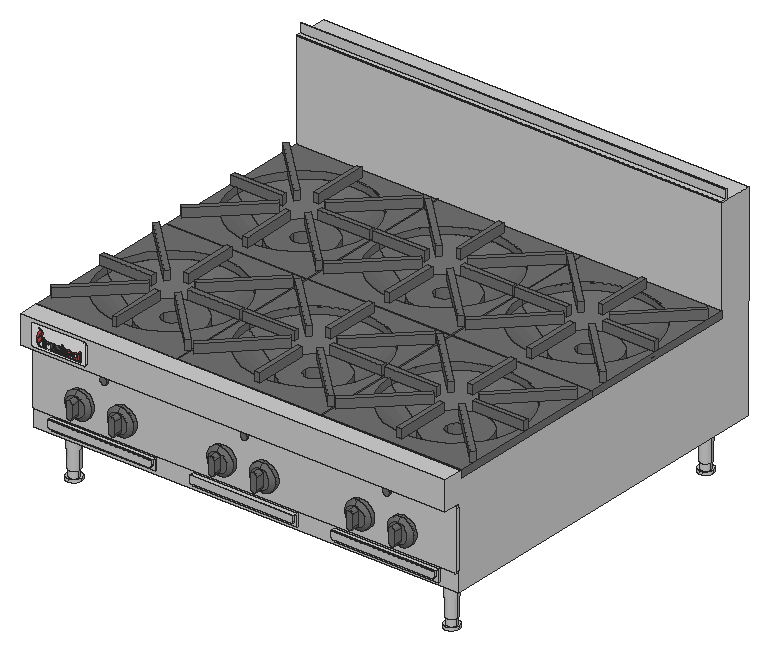
Revit family "QF_COMCATER ALL BRANDS_RCT9-6", category Specialty Equipment, Revit 2014
Parameters (values of type "RCT9-6_LPG")
  URL Cutsheet = ""
  URL = ""
  Type Comments = "The Australian owned and designed* Trueheat RC Series of Gas Cooking Equipment has been developed for the restaurant and cafe market with a high quality finish, designed to fulfill the busy demands within a commercial kitchen.\r\nPowerful 24MJ/hr open burners with individual standing pilots included.\r\n100% Flame failure controls included as standard. Matt finish Euro look cast iron trivets radiate heat and design makes it easy to move pots around the surface."
  Status [instance] = ""
  Specification by User [instance] = ""
  Specification by Manufacturer [instance] = ""
  Seismic Rating = ""
  SMACNA No = ""
  Revision Code [instance] = ""
  Nominal Gas power = 34400 W
  NAFEM Spec ID Number = ""
  Model = "RCT9-6"
  Mechanical Connection Type [instance] = " "
  Masterspec = ""
  Manufacturer = "TRUEHEAT"
  Length Actual = 900 mm
  Item Number [instance] = ""
  Installed By [instance] = ""
  Identify Quantity as Lot [instance] = no
  Height Actual = 455 mm
  Gas power kW = 34.4
  Gas Size Flexible = 0 mm
  Gas Size = 19.05 mm
  Gas RI Height [instance] = 0 mm
  Gas Flow = 0.0 L/s
  Gas Connection Height [instance] = 121 mm
  Furnished By [instance] = ""
  Foodservice Equipment Identifier [instance] = yes
  Description = "6 BURNER MODULAR TOP"
  Depth Actual = 803 mm
  CSI MasterFormat = ""
  BTUH = 34400 W
  Assembly Code = "E1090320"
  Accessory = no
Reference planes
  plane 1 "Center (Front/Back)": y = 0
  plane 2: z = 0
  plane 3 "Center (Left/Right)": x = 0
Forms (mm)
  Extrusion 1, solid
    sketch origin (96, 0, 121) x (1, 0, 0) y (0, 1, 0)
      loop
        line (0, 0) -> (2, 0) -> (2, 2) -> (0, 2) -> (0, 0)
    from 0 to 2
Dimensions and locks
  aligned and locked: level to plane 2
Nested families
  nested 1: "QF_COMCATER ALL BRANDS_RCT9-6_Natural Gas" at (0, 0, 100), type "RCT9-6_Natural Gas"
    with Show Logo yes, Show Clearance yes
  nested 2: "QF_COMCATER_B05002-900" at (0, 0, 0), type "B05002-900"
    with Show Logo yes, Show Clearance yes
Connectors
  piping at (97, 2, 122), diameter 19.05, driven by "Gas Size", driven by "Gas Flow"
    settings: on Extrusion 1, index 1, connector inside diameter 609.6 mm, connector length 0 mm, flow factor 0, pipe flow 0.0 L/s, pressure drop 0.0 Pa, fitting loss kfactor 0, connector angle 0.00°, fixture units 0, engagement length 0 mm, angle of deflection 0.00°, flow configuration 1, flow direction 1, fitting loss method 0, system type 22, joint type 0, gender type 0, connector reference index -1, connector utility 0, adjustable connector no, is connector primary yes, connector description "Gas connection for 'RCT9-6'"
Definition of nested family "QF_COMCATER ALL BRANDS_RCT9-6_Natural Gas"
  Parameters (values of type "RCT9-6_Natural Gas")
    URL = "www.comcater.com.au"
    Show Logo [instance] = yes
    Show Clearance [instance] = yes
    Model = "RCT9-6"
    Manufacturer = "TRUEHEAT"
    Description = "6 BURNER MODULAR TOP"
    Assembly Code = "E1090320"
  Reference planes
    plane 1 "Back": y = 0
    plane 2: z = 0
    plane 3 "Left": x = 0
    plane 4 "Right": x = 900
    plane 5 "Front": y = -803
    plane 6 "Top": z = 455
  Forms (mm)
    Revolve 1, solid
      sketch origin (108.337, 8, -489.263) x (0, 1, 0) y (0, 0, 1)
        loop
          line (-786.003, 575.513) -> (-801, 575.513) -> (-801, 555.163) -> (-793.012, 547.176) -> (-786.003, 547.176) -> (-786.003, 575.513)
        axis (-786.003, 575.513) -> (-801, 575.513)
      angle from 0 to 360
    Extrusion 2, solid
      sketch origin (-264.343, -780, -1413.928) x (-0.707107, 0, -0.707107) y (-0.707107, 0, 0.707107)
        loop
          arc (-1328.297, 810.227) -> (-1337.277, 810.227) -> (-1337.277, 801.247) r 6.35
          line (-1337.277, 801.247) -> (-1320.325, 784.294)
          arc (-1320.325, 784.294) -> (-1311.344, 784.294) -> (-1311.344, 793.275) r 6.35
          line (-1311.344, 793.275) -> (-1328.297, 810.227)
      from -13 to -28
    Extrusion 3, solid
      sketch origin (0, -768, 2.5) x (1, 0, 0) y (0, 0, 1)
        loop
          line (0, 160.5) -> (0, 40)
          arc (0, 40) -> (1.464, 36.464) -> (5, 35) r 5
          line (5, 35) -> (895, 35)
          arc (895, 35) -> (898.536, 36.464) -> (900, 40) r 5
          line (900, 40) -> (900, 160.5)
          arc (900, 160.5) -> (898.536, 164.036) -> (895, 165.5) r 5
          line (895, 165.5) -> (5, 165.5)
          arc (5, 165.5) -> (1.464, 164.036) -> (0, 160.5) r 5
      from 0 to 3
    Extrusion 4, solid, visible <- "Show Logo"
      sketch origin (30, -802.5, 9.763) x (1, 0, 0) y (0, 0, 1)
        loop
          line (98.5, 191.841) -> (96.5, 191.841) -> (96.5, 189.798) -> (95.026, 189.798) -> (95.026, 187.798) -> (96.5, 187.798) -> (96.5, 175.237) -> (98.5, 175.237) -> (98.5, 187.798) -> (100, 187.798) -> (100, 189.798) -> (98.5, 189.798) -> (98.5, 191.841)
        loop
          line (94, 187.798) -> (92, 187.798) -> (92, 186.56)
          arc (92, 186.56) -> (81.976, 181.518) -> (92, 176.475) r 6.28
          line (92, 176.475) -> (92, 175.237) -> (94, 175.237) -> (94, 187.798)
        loop
          arc (92, 183.592) -> (83.976, 181.518) -> (92, 179.443) r 4.28
          line (92, 179.443) -> (92, 183.592)
        loop
          line (65.446, 184.298) -> (65.446, 175.237) -> (67.446, 175.237) -> (67.446, 184.729)
          arc (67.446, 184.729) -> (64.497, 187.542) -> (60.446, 187.101) r 4.833
          line (60.446, 187.101) -> (60.446, 191.841) -> (58.446, 191.841) -> (58.446, 175.237) -> (60.446, 175.237) -> (60.446, 184.298)
          arc (60.446, 184.298) -> (62.946, 185.798) -> (65.446, 184.298) r 2.833
        loop
          arc (80.998, 181.518) -> (69.107, 184.34) -> (78.461, 176.475) r 6.28
          line (78.461, 176.475) -> (77.269, 178.081)
          arc (77.269, 178.081) -> (72.794, 177.694) -> (70.437, 181.518) r 4.28
          line (70.437, 181.518) -> (80.998, 181.518)
        loop
          arc (78.502, 183.518) -> (74.717, 185.798) -> (70.933, 183.518) r 4.28
          line (70.933, 183.518) -> (78.502, 183.518)
      from 0 to 2
    Extrusion 5, solid, visible <- "Show Logo"
      sketch origin (14.146, -802.5, 9.763) x (1, 0, 0) y (0, 0, 1)
        loop
          arc (70.804, 183.518) -> (67.02, 185.798) -> (63.236, 183.518) r 4.28
          line (63.236, 183.518) -> (70.804, 183.518)
        loop
          arc (73.3, 181.518) -> (61.409, 184.34) -> (70.764, 176.475) r 6.28
          line (70.764, 176.475) -> (69.572, 178.081)
          arc (69.572, 178.081) -> (65.096, 177.694) -> (62.74, 181.518) r 4.28
          line (62.74, 181.518) -> (73.3, 181.518)
        loop
          line (34.617, 191.841) -> (34.617, 189.798) -> (33.143, 189.798) -> (33.143, 187.798) -> (34.617, 187.798) -> (34.617, 175.237) -> (36.617, 175.237) -> (36.617, 187.798) -> (38.117, 187.798) -> (38.117, 189.798) -> (36.617, 189.798) -> (36.617, 191.841) -> (34.617, 191.841)
        loop
          arc (57.696, 178.737) -> (55.196, 177.237) -> (52.696, 178.737) r 2.833
          line (52.696, 178.737) -> (52.696, 187.798) -> (50.696, 187.798) -> (50.696, 178.307)
          arc (50.696, 178.307) -> (55.196, 175.237) -> (59.696, 178.307) r 4.833
          line (59.696, 178.307) -> (59.696, 187.798) -> (57.696, 187.798) -> (57.696, 178.737)
        loop
          line (41.117, 186.56) -> (41.117, 187.798) -> (39.117, 187.798) -> (39.117, 175.237) -> (41.117, 175.237) -> (41.117, 183.592)
          arc (41.117, 183.592) -> (44.587, 185.789) -> (48.31, 184.053) r 4.28
          line (48.31, 184.053) -> (49.735, 185.478)
          arc (49.735, 185.478) -> (45.643, 187.749) -> (41.117, 186.56) r 6.28
      from 0 to 2
    Extrusion 6, solid, visible <- "Show Logo"
      sketch origin (0, -802.5, 7.5) x (1, 0, 0) y (0, 0, 1)
        loop
          line (130, 176.5) -> (40, 176.5) -> (40, 175.5) -> (130, 175.5) -> (130, 176.5)
        loop
          arc (40, 177.5) -> (40.603, 181.061) -> (42.43, 184.177) r 10.013
          arc (42.43, 184.177) -> (44.457, 187.03) -> (45.914, 190.212) r 18.627
          arc (45.914, 190.212) -> (46.43, 193.956) -> (45.458, 197.608) r 9.58
          arc (45.458, 197.608) -> (44.352, 194.23) -> (41.979, 191.583) r 8.629
          arc (41.979, 191.583) -> (38.017, 184.959) -> (40, 177.5) r 9.924
        loop
          arc (39.054, 199.801) -> (35.351, 191.043) -> (36.701, 181.631) r 17.746
          arc (36.701, 181.631) -> (36.715, 187.191) -> (39.483, 192.014) r 10.848
          arc (39.483, 192.014) -> (42.461, 196.051) -> (44.165, 200.77) r 17.413
          arc (44.165, 200.77) -> (46.042, 199.588) -> (47.328, 197.781) r 5.718
          arc (47.328, 197.781) -> (46.772, 205.563) -> (40.995, 210.808) r 10.489
          arc (40.995, 210.808) -> (41.42, 205.059) -> (39.054, 199.801) r 11.727
      from 0 to 2
    Extrusion 7, solid, visible <- "Show Logo"
      sketch origin (0, -802, 7.5) x (1, 0, 0) y (0, 0, 1)
        loop
          line (29.373, 170.5) -> (135, 170.5)
          arc (135, 170.5) -> (138.536, 171.964) -> (140, 175.5) r 5
          line (140, 175.5) -> (140, 210.808)
          arc (140, 210.808) -> (138.536, 214.344) -> (135, 215.808) r 5
          line (135, 215.808) -> (29.373, 215.808)
          arc (29.373, 215.808) -> (25.837, 214.344) -> (24.373, 210.808) r 5
          line (24.373, 210.808) -> (24.373, 175.5)
          arc (24.373, 175.5) -> (25.837, 171.964) -> (29.373, 170.5) r 5
      from 0 to 2
    Extrusion 8, solid
      sketch origin (-3058.572, -656.5, -667.68) x (1, 0, 0) y (0, 1, 0)
        loop
          line (3503.813, 452.102) -> (3513.813, 452.102) -> (3513.813, 565.456) -> (3503.813, 565.456) -> (3503.813, 452.102)
        loop
          line (3546.914, 419) -> (3546.914, 409) -> (3656.627, 409) -> (3656.627, 419) -> (3546.914, 419)
        loop
          line (3470.712, 419) -> (3360.999, 419) -> (3360.999, 409) -> (3470.712, 409) -> (3470.712, 419)
        loop
          line (3474.8, 433.871) -> (3481.872, 440.942) -> (3367.316, 555.497) -> (3360.245, 548.426) -> (3474.8, 433.871)
        loop
          line (3535.755, 440.942) -> (3542.826, 433.871) -> (3657.381, 548.426) -> (3650.31, 555.497) -> (3535.755, 440.942)
        loop
          line (3503.813, 375.899) -> (3503.813, 262.545) -> (3513.813, 262.545) -> (3513.813, 375.899) -> (3503.813, 375.899)
        loop
          line (3474.8, 394.13) -> (3360.245, 279.574) -> (3367.316, 272.503) -> (3481.872, 387.059) -> (3474.8, 394.13)
        loop
          line (3535.755, 387.059) -> (3650.31, 272.503) -> (3657.381, 279.574) -> (3542.826, 394.13) -> (3535.755, 387.059)
      from 897.68 to 916.73
    Extrusion 9, solid
      sketch origin (-3058.872, -656.5, -662.976) x (1, 0, 0) y (0, 1, 0)
        loop
          line (3661.244, 586.5) -> (3356.499, 586.5) -> (3356.499, 241.5) -> (3661.244, 241.5) -> (3661.244, 586.5)
        loop
          circle (3508.813, 414.196) r 138
      from 877.976 to 892.976
    Revolve 10, solid
      sketch origin (198.337, 8, -489.263) x (0, 1, 0) y (0, 0, 1)
        loop
          line (-786.003, 575.513) -> (-801, 575.513) -> (-801, 555.163) -> (-793.012, 547.176) -> (-786.003, 547.176) -> (-786.003, 575.513)
        axis (-786.003, 575.513) -> (-801, 575.513)
      angle from 0 to 360
    Extrusion 11, solid
      sketch origin (-174.343, -780, -1413.928) x (-0.707107, 0, -0.707107) y (-0.707107, 0, 0.707107)
        loop
          arc (-1328.297, 810.227) -> (-1337.277, 810.227) -> (-1337.277, 801.247) r 6.35
          line (-1337.277, 801.247) -> (-1320.325, 784.294)
          arc (-1320.325, 784.294) -> (-1311.344, 784.294) -> (-1311.344, 793.275) r 6.35
          line (-1311.344, 793.275) -> (-1328.297, 810.227)
      from -13 to -28
    Revolve 12, solid
      sketch origin (499.175, 8, -489.263) x (0, 1, 0) y (0, 0, -1)
        loop
          line (-786.003, -575.513) -> (-786.003, -547.176) -> (-793.012, -547.176) -> (-801, -555.163) -> (-801, -575.513) -> (-786.003, -575.513)
        axis (-786.003, -575.513) -> (-801, -575.513)
      angle from 0 to 360
    Extrusion 13, solid
      sketch origin (871.856, -780, -1413.928) x (0.707107, 0, -0.707107) y (-0.707107, 0, -0.707107)
        loop
          line (-1328.297, -810.227) -> (-1311.344, -793.275)
          arc (-1311.344, -793.275) -> (-1311.344, -784.294) -> (-1320.325, -784.294) r 6.35
          line (-1320.325, -784.294) -> (-1337.277, -801.247)
          arc (-1337.277, -801.247) -> (-1337.277, -810.227) -> (-1328.297, -810.227) r 6.35
      from -13 to -28
    Revolve 14, solid
      sketch origin (409.175, 8, -489.263) x (0, 1, 0) y (0, 0, -1)
        loop
          line (-786.003, -575.513) -> (-786.003, -547.176) -> (-793.012, -547.176) -> (-801, -555.163) -> (-801, -575.513) -> (-786.003, -575.513)
        axis (-786.003, -575.513) -> (-801, -575.513)
      angle from 0 to 360
    Extrusion 15, solid
      sketch origin (781.856, -780, -1413.928) x (0.707107, 0, -0.707107) y (-0.707107, 0, -0.707107)
        loop
          line (-1328.297, -810.227) -> (-1311.344, -793.275)
          arc (-1311.344, -793.275) -> (-1311.344, -784.294) -> (-1320.325, -784.294) r 6.35
          line (-1320.325, -784.294) -> (-1337.277, -801.247)
          arc (-1337.277, -801.247) -> (-1337.277, -810.227) -> (-1328.297, -810.227) r 6.35
      from -13 to -28
    Extrusion 16, solid
      sketch origin (0, -5, -680) x (1, 0, 0) y (0, 0, 1)
        loop
          circle (108.338, 766.25) r 8
      from 766 to 773.003
    Extrusion 17, solid
      sketch origin (90, -5, -680) x (1, 0, 0) y (0, 0, 1)
        loop
          circle (108.338, 766.25) r 8
      from 766 to 773.003
    Extrusion 18, solid
      sketch origin (300.837, -5, -680) x (1, 0, 0) y (0, 0, 1)
        loop
          circle (108.338, 766.25) r 8
      from 766 to 773.003
    Extrusion 19, solid
      sketch origin (390.837, -5, -680) x (1, 0, 0) y (0, 0, 1)
        loop
          circle (108.338, 766.25) r 8
      from 766 to 773.003
    Extrusion 20, solid
      sketch origin (782.5, -778, 2.5) x (-1, 0, 0) y (0, 0, -1)
        loop
          line (-77.5, -20) -> (-77.5, -30) -> (142.5, -30) -> (142.5, -20)
          arc (142.5, -20) -> (141.036, -16.464) -> (137.5, -15) r 5
          line (137.5, -15) -> (-72.5, -15)
          arc (-72.5, -15) -> (-76.036, -16.464) -> (-77.5, -20) r 5
      from 0 to 2
    Extrusion 21, solid
      sketch origin (782.5, -2, 2.5) x (0, 1, 0) y (0, 0, -1)
        loop
          line (-776, -30) -> (-766, -30) -> (-766, -4.971) -> (-768.029, -4.971) -> (-768.029, -27.971) -> (-776, -27.971) -> (-776, -30)
      from -77.5 to 142.5
    Extrusion 22, solid, visible <- "Show Clearance", detail levels coarse
      sketch origin (625, -2, -680) x (0, 1, 0) y (0, 0, 1)
        loop
          line (-768.029, 687.471) -> (-768.029, 712.5) -> (-1199, 712.5) -> (-1199, 687.471) -> (-768.029, 687.471)
      from 15 to 235
    Extrusion 23, solid
      sketch origin (-0.944, 0, 150) x (1, 0, 0) y (0, 1, 0)
        loop
          circle (451.186, -242.304) r 65
        loop
          circle (451.186, -242.304) r 20
      from 0 to 30
    Extrusion 24, solid
      sketch origin (0, -23, 0) x (0, 1, 0) y (0, 0, 1)
        loop
          line (-47, 435) -> (-35, 435) -> (-35, 455) -> (-37, 455) -> (-37, 437) -> (-47, 437) -> (-47, 435)
      from 0 to 900
    Extrusion 25, solid
      sketch origin (96, 10, -828) x (1, 0, 0) y (0, 0, 1)
        loop
          circle (0, 850) r 9.3
      from 0 to 10
    Extrusion 26, solid
      sketch origin (110.175, -771, -623.75) x (1, 0, 0) y (0, 0, 1)
        loop
          circle (42.5, 766.25) r 7.5
      from 0 to 2
    Extrusion 27, solid
      sketch origin (-3359.999, -656.5, -667.68) x (1, 0, 0) y (0, 1, 0)
        loop
          line (3503.813, 452.102) -> (3513.813, 452.102) -> (3513.813, 565.456) -> (3503.813, 565.456) -> (3503.813, 452.102)
        loop
          line (3546.914, 419) -> (3546.914, 409) -> (3656.627, 409) -> (3656.627, 419) -> (3546.914, 419)
        loop
          line (3470.712, 419) -> (3360.999, 419) -> (3360.999, 409) -> (3470.712, 409) -> (3470.712, 419)
        loop
          line (3474.8, 433.871) -> (3481.872, 440.942) -> (3367.316, 555.497) -> (3360.245, 548.426) -> (3474.8, 433.871)
        loop
          line (3535.755, 440.942) -> (3542.826, 433.871) -> (3657.381, 548.426) -> (3650.31, 555.497) -> (3535.755, 440.942)
        loop
          line (3503.813, 375.899) -> (3503.813, 262.545) -> (3513.813, 262.545) -> (3513.813, 375.899) -> (3503.813, 375.899)
        loop
          line (3474.8, 394.13) -> (3360.245, 279.574) -> (3367.316, 272.503) -> (3481.872, 387.059) -> (3474.8, 394.13)
        loop
          line (3535.755, 387.059) -> (3650.31, 272.503) -> (3657.381, 279.574) -> (3542.826, 394.13) -> (3535.755, 387.059)
      from 897.68 to 916.73
    Extrusion 28, solid
      sketch origin (-3359.999, -656.5, -662.976) x (1, 0, 0) y (0, 1, 0)
        loop
          line (3657.627, 586.5) -> (3359.999, 586.5) -> (3359.999, 241.5) -> (3657.627, 241.5) -> (3657.627, 586.5)
        loop
          circle (3508.813, 414.196) r 138
      from 877.976 to 892.976
    Extrusion 29, solid
      sketch origin (-302.372, 0, 150) x (1, 0, 0) y (0, 1, 0)
        loop
          circle (451.186, -242.304) r 65
        loop
          circle (451.186, -242.304) r 20
      from 0 to 30
    Extrusion 30, solid
      sketch origin (-2757.627, -656.5, -667.68) x (1, 0, 0) y (0, 1, 0)
        loop
          line (3503.813, 452.102) -> (3513.813, 452.102) -> (3513.813, 565.456) -> (3503.813, 565.456) -> (3503.813, 452.102)
        loop
          line (3546.914, 419) -> (3546.914, 409) -> (3656.627, 409) -> (3656.627, 419) -> (3546.914, 419)
        loop
          line (3470.712, 419) -> (3360.999, 419) -> (3360.999, 409) -> (3470.712, 409) -> (3470.712, 419)
        loop
          line (3474.8, 433.871) -> (3481.872, 440.942) -> (3367.316, 555.497) -> (3360.245, 548.426) -> (3474.8, 433.871)
        loop
          line (3535.755, 440.942) -> (3542.826, 433.871) -> (3657.381, 548.426) -> (3650.31, 555.497) -> (3535.755, 440.942)
        loop
          line (3503.813, 375.899) -> (3503.813, 262.545) -> (3513.813, 262.545) -> (3513.813, 375.899) -> (3503.813, 375.899)
        loop
          line (3474.8, 394.13) -> (3360.245, 279.574) -> (3367.316, 272.503) -> (3481.872, 387.059) -> (3474.8, 394.13)
        loop
          line (3535.755, 387.059) -> (3650.31, 272.503) -> (3657.381, 279.574) -> (3542.826, 394.13) -> (3535.755, 387.059)
      from 897.68 to 916.73
    Extrusion 31, solid
      sketch origin (-2757.627, -656.5, -662.976) x (1, 0, 0) y (0, 1, 0)
        loop
          line (3657.627, 586.5) -> (3359.999, 586.5) -> (3359.999, 241.5) -> (3657.627, 241.5) -> (3657.627, 586.5)
        loop
          circle (3508.813, 414.196) r 138
      from 877.976 to 892.976
    Extrusion 32, solid
      sketch origin (300, 0, 150) x (1, 0, 0) y (0, 1, 0)
        loop
          circle (451.186, -242.304) r 65
        loop
          circle (451.186, -242.304) r 20
      from 0 to 30
    Extrusion 33, solid
      sketch origin (-3058.572, -1001.5, -667.68) x (1, 0, 0) y (0, 1, 0)
        loop
          line (3503.813, 452.102) -> (3513.813, 452.102) -> (3513.813, 565.456) -> (3503.813, 565.456) -> (3503.813, 452.102)
        loop
          line (3546.914, 419) -> (3546.914, 409) -> (3656.627, 409) -> (3656.627, 419) -> (3546.914, 419)
        loop
          line (3470.712, 419) -> (3360.999, 419) -> (3360.999, 409) -> (3470.712, 409) -> (3470.712, 419)
        loop
          line (3474.8, 433.871) -> (3481.872, 440.942) -> (3367.316, 555.497) -> (3360.245, 548.426) -> (3474.8, 433.871)
        loop
          line (3535.755, 440.942) -> (3542.826, 433.871) -> (3657.381, 548.426) -> (3650.31, 555.497) -> (3535.755, 440.942)
        loop
          line (3503.813, 375.899) -> (3503.813, 262.545) -> (3513.813, 262.545) -> (3513.813, 375.899) -> (3503.813, 375.899)
        loop
          line (3474.8, 394.13) -> (3360.245, 279.574) -> (3367.316, 272.503) -> (3481.872, 387.059) -> (3474.8, 394.13)
        loop
          line (3535.755, 387.059) -> (3650.31, 272.503) -> (3657.381, 279.574) -> (3542.826, 394.13) -> (3535.755, 387.059)
      from 897.68 to 916.73
    Extrusion 34, solid
      sketch origin (-3058.872, -1001.5, -662.976) x (1, 0, 0) y (0, 1, 0)
        loop
          line (3661.244, 586.5) -> (3356.499, 586.5) -> (3356.499, 241.5) -> (3661.244, 241.5) -> (3661.244, 586.5)
        loop
          circle (3508.813, 414.196) r 138
      from 877.976 to 892.976
    Extrusion 35, solid
      sketch origin (-0.944, -345, 150) x (1, 0, 0) y (0, 1, 0)
        loop
          circle (451.186, -242.304) r 65
        loop
          circle (451.186, -242.304) r 20
      from 0 to 30
    Extrusion 36, solid
      sketch origin (-3359.999, -1001.5, -667.68) x (1, 0, 0) y (0, 1, 0)
        loop
          line (3503.813, 452.102) -> (3513.813, 452.102) -> (3513.813, 565.456) -> (3503.813, 565.456) -> (3503.813, 452.102)
        loop
          line (3546.914, 419) -> (3546.914, 409) -> (3656.627, 409) -> (3656.627, 419) -> (3546.914, 419)
        loop
          line (3470.712, 419) -> (3360.999, 419) -> (3360.999, 409) -> (3470.712, 409) -> (3470.712, 419)
        loop
          line (3474.8, 433.871) -> (3481.872, 440.942) -> (3367.316, 555.497) -> (3360.245, 548.426) -> (3474.8, 433.871)
        loop
          line (3535.755, 440.942) -> (3542.826, 433.871) -> (3657.381, 548.426) -> (3650.31, 555.497) -> (3535.755, 440.942)
        loop
          line (3503.813, 375.899) -> (3503.813, 262.545) -> (3513.813, 262.545) -> (3513.813, 375.899) -> (3503.813, 375.899)
        loop
          line (3474.8, 394.13) -> (3360.245, 279.574) -> (3367.316, 272.503) -> (3481.872, 387.059) -> (3474.8, 394.13)
        loop
          line (3535.755, 387.059) -> (3650.31, 272.503) -> (3657.381, 279.574) -> (3542.826, 394.13) -> (3535.755, 387.059)
      from 897.68 to 916.73
    Extrusion 37, solid
      sketch origin (-3359.999, -1001.5, -662.976) x (1, 0, 0) y (0, 1, 0)
        loop
          line (3657.627, 586.5) -> (3359.999, 586.5) -> (3359.999, 241.5) -> (3657.627, 241.5) -> (3657.627, 586.5)
        loop
          circle (3508.813, 414.196) r 138
      from 877.976 to 892.976
    Extrusion 38, solid
      sketch origin (-302.372, -345, 150) x (1, 0, 0) y (0, 1, 0)
        loop
          circle (451.186, -242.304) r 65
        loop
          circle (451.186, -242.304) r 20
      from 0 to 30
    Extrusion 39, solid
      sketch origin (-2757.627, -1001.5, -667.68) x (1, 0, 0) y (0, 1, 0)
        loop
          line (3503.813, 452.102) -> (3513.813, 452.102) -> (3513.813, 565.456) -> (3503.813, 565.456) -> (3503.813, 452.102)
        loop
          line (3546.914, 419) -> (3546.914, 409) -> (3656.627, 409) -> (3656.627, 419) -> (3546.914, 419)
        loop
          line (3470.712, 419) -> (3360.999, 419) -> (3360.999, 409) -> (3470.712, 409) -> (3470.712, 419)
        loop
          line (3474.8, 433.871) -> (3481.872, 440.942) -> (3367.316, 555.497) -> (3360.245, 548.426) -> (3474.8, 433.871)
        loop
          line (3535.755, 440.942) -> (3542.826, 433.871) -> (3657.381, 548.426) -> (3650.31, 555.497) -> (3535.755, 440.942)
        loop
          line (3503.813, 375.899) -> (3503.813, 262.545) -> (3513.813, 262.545) -> (3513.813, 375.899) -> (3503.813, 375.899)
        loop
          line (3474.8, 394.13) -> (3360.245, 279.574) -> (3367.316, 272.503) -> (3481.872, 387.059) -> (3474.8, 394.13)
        loop
          line (3535.755, 387.059) -> (3650.31, 272.503) -> (3657.381, 279.574) -> (3542.826, 394.13) -> (3535.755, 387.059)
      from 897.68 to 916.73
    Extrusion 40, solid
      sketch origin (-2757.627, -1001.5, -662.976) x (1, 0, 0) y (0, 1, 0)
        loop
          line (3657.627, 586.5) -> (3359.999, 586.5) -> (3359.999, 241.5) -> (3657.627, 241.5) -> (3657.627, 586.5)
        loop
          circle (3508.813, 414.196) r 138
      from 877.976 to 892.976
    Extrusion 41, solid
      sketch origin (300, -345, 150) x (1, 0, 0) y (0, 1, 0)
        loop
          circle (451.186, -242.304) r 65
        loop
          circle (451.186, -242.304) r 20
      from 0 to 30
    Extrusion 42, solid
      sketch origin (-2.372, 0, 2.5) x (0, 1, 0) y (0, 0, 1)
        loop
          line (0, 432.5) -> (-70, 432.5) -> (-70, 212.5) -> (-762.176, 212.5) -> (-762.176, 227.5) -> (-803, 227.5) -> (-803, 167.5) -> (-768, 167.5) -> (-768, -2.5) -> (0, -2.5) -> (0, 432.5)
      from 2.372 to 902.372
    Extrusion 43, solid
      sketch origin (-3058.872, -1001.5, -662.976) x (1, 0, 0) y (0, 1, 0)
        loop
          line (3661.244, 586.5) -> (3356.499, 586.5) -> (3356.499, 241.5) -> (3661.244, 241.5) -> (3661.244, 586.5)
        loop
          circle (3508.813, 414.196) r 138
      from 877.976 to 892.976
    Extrusion 44, solid
      sketch origin (-3359.999, -1001.5, -662.976) x (1, 0, 0) y (0, 1, 0)
        loop
          line (3657.627, 586.5) -> (3359.999, 586.5) -> (3359.999, 241.5) -> (3657.627, 241.5) -> (3657.627, 586.5)
        loop
          circle (3508.813, 414.196) r 138
      from 877.976 to 892.976
    Blend 45, void
      base sketch origin (0, 0, -680) x (1, 0, 0) y (0, 1, 0)
        loop
          circle (148.814, -587.304) r 142
      top sketch origin (0, 0, 0) x (1, 0, 0) y (0, 1, 0)
        loop
          circle (148.814, -587.304) r 75
      from 895 to 150
    Blend 46, void
      base sketch origin (301.128, 0, -680) x (1, 0, 0) y (0, 1, 0)
        loop
          circle (148.814, -587.304) r 142
      top sketch origin (301.128, 0, 0) x (1, 0, 0) y (0, 1, 0)
        loop
          circle (148.814, -587.304) r 75
      from 895 to 150
    Blend 47, void
      base sketch origin (602.372, 0, -680) x (1, 0, 0) y (0, 1, 0)
        loop
          circle (148.814, -587.304) r 142
      top sketch origin (602.372, 0, 0) x (1, 0, 0) y (0, 1, 0)
        loop
          circle (148.814, -587.304) r 75
      from 895 to 150
    Blend 48, void
      base sketch origin (0, 345, -680) x (1, 0, 0) y (0, 1, 0)
        loop
          circle (148.814, -587.304) r 142
      top sketch origin (0, 345, 0) x (1, 0, 0) y (0, 1, 0)
        loop
          circle (148.814, -587.304) r 75
      from 895 to 150
    Blend 49, void
      base sketch origin (301.128, 345, -680) x (1, 0, 0) y (0, 1, 0)
        loop
          circle (148.814, -587.304) r 142
      top sketch origin (301.128, 345, 0) x (1, 0, 0) y (0, 1, 0)
        loop
          circle (148.814, -587.304) r 75
      from 895 to 150
    Blend 50, void
      base sketch origin (602.372, 345, -680) x (1, 0, 0) y (0, 1, 0)
        loop
          circle (148.814, -587.304) r 142
      top sketch origin (602.372, 345, 0) x (1, 0, 0) y (0, 1, 0)
        loop
          circle (148.814, -587.304) r 75
      from 895 to 150
    Sweep 51, solid
      path origin (0, 0, -680) x (1, 0, 0) y (0, 1, 0)
        loop
          circle (148.814, -587.304) r 139
      profile origin (148.814, -448.304, -680) x (0, -1, 0) y (0, 0, 1)
        loop
          line (-0.128, 895) -> (-3, 895) -> (64, 830) -> (66.872, 830) -> (-0.128, 895)
    Sweep 52, solid
      path origin (0, 345, -680) x (1, 0, 0) y (0, 1, 0)
        loop
          circle (148.814, -587.304) r 139
      profile origin (148.814, -103.304, -680) x (0, -1, 0) y (0, 0, 1)
        loop
          line (-0.128, 895) -> (-3, 895) -> (64, 830) -> (66.872, 830) -> (-0.128, 895)
    Sweep 53, solid
      path origin (301.128, 0, -680) x (1, 0, 0) y (0, 1, 0)
        loop
          circle (148.814, -587.304) r 139
      profile origin (449.942, -448.304, -680) x (0, -1, 0) y (0, 0, 1)
        loop
          line (-0.128, 895) -> (-3, 895) -> (64, 830) -> (66.872, 830) -> (-0.128, 895)
    Sweep 54, solid
      path origin (602.372, 0, -680) x (1, 0, 0) y (0, 1, 0)
        loop
          circle (148.814, -587.304) r 139
      profile origin (751.186, -448.304, -680) x (0, -1, 0) y (0, 0, 1)
        loop
          line (-0.128, 895) -> (-3, 895) -> (64, 830) -> (66.872, 830) -> (-0.128, 895)
    Sweep 55, solid
      path origin (301.128, 345, -680) x (1, 0, 0) y (0, 1, 0)
        loop
          circle (148.814, -587.304) r 139
      profile origin (449.942, -103.304, -680) x (0, -1, 0) y (0, 0, 1)
        loop
          line (-0.128, 895) -> (-3, 895) -> (64, 830) -> (66.872, 830) -> (-0.128, 895)
    Sweep 56, solid
      path origin (602.372, 345, -680) x (1, 0, 0) y (0, 1, 0)
        loop
          circle (148.814, -587.304) r 139
      profile origin (751.186, -103.304, -680) x (0, -1, 0) y (0, 0, 1)
        loop
          line (-0.128, 895) -> (-3, 895) -> (64, 830) -> (66.872, 830) -> (-0.128, 895)
    Extrusion 57, solid, visible <- "Show Clearance", detail levels coarse
      sketch origin (0, 0, 0) x (1, 0, 0) y (0, 1, 0)
        loop
          line (0, -803) -> (0, 0) -> (900, 0) -> (900, -803) -> (1050, -803) -> (1050, 150) -> (-150, 150) -> (-150, -803) -> (0, -803)
      from 0 to 455
    Revolve 58, solid
      sketch origin (791.662, 8, -489.263) x (0, 1, 0) y (0, 0, -1)
        loop
          line (-786.003, -575.513) -> (-786.003, -547.176) -> (-793.012, -547.176) -> (-801, -555.163) -> (-801, -575.513) -> (-786.003, -575.513)
        axis (-786.003, -575.513) -> (-801, -575.513)
      angle from 0 to 360
    Extrusion 59, solid
      sketch origin (1164.343, -780, -1413.928) x (0.707107, 0, -0.707107) y (-0.707107, 0, -0.707107)
        loop
          line (-1328.297, -810.227) -> (-1311.344, -793.275)
          arc (-1311.344, -793.275) -> (-1311.344, -784.294) -> (-1320.325, -784.294) r 6.35
          line (-1320.325, -784.294) -> (-1337.277, -801.247)
          arc (-1337.277, -801.247) -> (-1337.277, -810.227) -> (-1328.297, -810.227) r 6.35
      from -13 to -28
    Revolve 60, solid
      sketch origin (701.662, 8, -489.263) x (0, 1, 0) y (0, 0, -1)
        loop
          line (-786.003, -575.513) -> (-786.003, -547.176) -> (-793.012, -547.176) -> (-801, -555.163) -> (-801, -575.513) -> (-786.003, -575.513)
        axis (-786.003, -575.513) -> (-801, -575.513)
      angle from 0 to 360
    Extrusion 61, solid
      sketch origin (1074.343, -780, -1413.928) x (0.707107, 0, -0.707107) y (-0.707107, 0, -0.707107)
        loop
          line (-1328.297, -810.227) -> (-1311.344, -793.275)
          arc (-1311.344, -793.275) -> (-1311.344, -784.294) -> (-1320.325, -784.294) r 6.35
          line (-1320.325, -784.294) -> (-1337.277, -801.247)
          arc (-1337.277, -801.247) -> (-1337.277, -810.227) -> (-1328.297, -810.227) r 6.35
      from -13 to -28
    Extrusion 62, solid
      sketch origin (900, -5, -680) x (-1, 0, 0) y (0, 0, -1)
        loop
          circle (108.338, -766.25) r 8
      from 766 to 773.003
    Extrusion 63, solid
      sketch origin (810, -5, -680) x (-1, 0, 0) y (0, 0, -1)
        loop
          circle (108.338, -766.25) r 8
      from 766 to 773.003
    Extrusion 64, solid
      sketch origin (117.5, -778, 2.5) x (1, 0, 0) y (0, 0, 1)
        loop
          arc (-77.5, 20) -> (-76.036, 16.464) -> (-72.5, 15) r 5
          line (-72.5, 15) -> (137.5, 15)
          arc (137.5, 15) -> (141.036, 16.464) -> (142.5, 20) r 5
          line (142.5, 20) -> (142.5, 30) -> (-77.5, 30) -> (-77.5, 20)
      from 0 to 2
    Extrusion 65, solid
      sketch origin (117.5, -2, 2.5) x (0, 1, 0) y (0, 0, 1)
        loop
          line (-776, 30) -> (-776, 27.971) -> (-768.029, 27.971) -> (-768.029, 4.971) -> (-766, 4.971) -> (-766, 30) -> (-776, 30)
      from -77.5 to 142.5
    Extrusion 66, solid, visible <- "Show Clearance", detail levels coarse
      sketch origin (275, -2, -680) x (0, 1, 0) y (0, 0, -1)
        loop
          line (-768.029, -687.471) -> (-1199, -687.471) -> (-1199, -712.5) -> (-768.029, -712.5) -> (-768.029, -687.471)
      from 15 to 235
    Extrusion 67, solid
      sketch origin (482.5, -778, 2.5) x (-1, 0, 0) y (0, 0, -1)
        loop
          line (-77.5, -20) -> (-77.5, -30) -> (142.5, -30) -> (142.5, -20)
          arc (142.5, -20) -> (141.036, -16.464) -> (137.5, -15) r 5
          line (137.5, -15) -> (-72.5, -15)
          arc (-72.5, -15) -> (-76.036, -16.464) -> (-77.5, -20) r 5
      from 0 to 2
    Extrusion 68, solid
      sketch origin (482.5, -2, 2.5) x (0, 1, 0) y (0, 0, -1)
        loop
          line (-776, -30) -> (-766, -30) -> (-766, -4.971) -> (-768.029, -4.971) -> (-768.029, -27.971) -> (-776, -27.971) -> (-776, -30)
      from -77.5 to 142.5
    Extrusion 69, solid, visible <- "Show Clearance", detail levels coarse
      sketch origin (325, -2, -680) x (0, 1, 0) y (0, 0, 1)
        loop
          line (-768.029, 687.471) -> (-768.029, 712.5) -> (-1194, 712.5) -> (-1194, 687.471) -> (-768.029, 687.471)
      from 15 to 235
    Extrusion 70, solid
      sketch origin (407.442, -771, -623.75) x (1, 0, 0) y (0, 0, 1)
        loop
          circle (42.5, 766.25) r 7.5
      from 0 to 2
    Extrusion 71, solid
      sketch origin (708.686, -771, -623.75) x (1, 0, 0) y (0, 0, 1)
        loop
          circle (42.5, 766.25) r 7.5
      from 0 to 2
  Cuts and joins
    Blend 46, Blend 48 cuts Extrusion 37
    Blend 46, Blend 48 cuts Extrusion 38
    Blend 45, Blend 46, Blend 47, Blend 48, Blend 49, Blend 50 cuts Extrusion 42
    Blend 46, Blend 48 cuts Extrusion 44
    Blend 47, Blend 49 cuts Extrusion 34
    Blend 47, Blend 49 cuts Extrusion 35
    Blend 47, Blend 49 cuts Extrusion 43
    Blend 50 cuts Extrusion 40
    Blend 50 cuts Extrusion 41
  Lines and regions (mm)
    symbolic lines, style "200-EquipBorder-2D"
      curve 1: line (0, 0, 0) -> (900, 0, 0)
      curve 2: line (900, -803, 0) -> (0, -803, 0)
      curve 6: line (0, 0, 0) -> (0, -803, 0)
      curve 7: line (86.7, 10, 0) -> (105.3, 10, 0)
      curve 8: line (105.3, 10, 0) -> (105.3, 0, 0)
      curve 9: line (86.7, 10, 0) -> (86.7, 0, 0)
      curve 114: line (0, -70, 0) -> (900, -70, 0)
      curve 319: line (900, 0, 0) -> (900, -803, 0)
    symbolic lines, style "QF_Door-Drawer Clearances", visible <- "Show Clearance"
      curve 3: line (340, -1196, 0) -> (560, -1196, 0)
      curve 4: line (340, -1196, 0) -> (340, -803, 0)
      curve 5: line (560, -1196, 0) -> (560, -803, 0)
      curve 62: line (640, -1201, 0) -> (860, -1201, 0)
      curve 63: line (860, -1201, 0) -> (860, -803, 0)
      curve 64: line (640, -1201, 0) -> (640, -803, 0)
      curve 320: line (40, -1201, 0) -> (260, -1201, 0)
      curve 321: line (40, -1201, 0) -> (40, -803, 0)
      curve 322: line (260, -1201, 0) -> (260, -803, 0)
    symbolic lines, style "QF_Clearances", visible <- "Show Clearance"
      curve 10: line (-150, -803, 0) -> (-150, 150, 0)
      curve 11: line (-150, 150, 0) -> (1050, 150, 0)
      curve 12: line (1050, 150, 0) -> (1050, -803, 0)
    symbolic lines, style "200-EquipInternal-2D"
      curve 13: line (290.311, -101.003, 0) -> (175.756, -215.558, 0)
      curve 14: line (182.827, -222.629, 0) -> (297.382, -108.074, 0)
      curve 15: line (153.814, -204.399, 0) -> (153.814, -91.045, 0)
      curve 16: line (143.814, -91.045, 0) -> (143.814, -204.399, 0)
      curve 17: line (121.872, -215.558, 0) -> (7.317, -101.003, 0)
      curve 18: line (0, -107.828, 0) -> (114.801, -222.629, 0)
      curve 19: line (110.713, -237.5, 0) -> (1, -237.5, 0)
      curve 20: line (1, -247.5, 0) -> (110.713, -247.5, 0)
      curve 21: line (114.801, -262.371, 0) -> (0, -377.172, 0)
      curve 22: line (7.317, -383.997, 0) -> (121.872, -269.442, 0)
      curve 23: line (153.814, -393.955, 0) -> (153.814, -280.601, 0)
      curve 24: line (143.814, -280.601, 0) -> (143.814, -393.955, 0)
      curve 25: line (175.756, -269.442, 0) -> (290.311, -383.997, 0)
      curve 26: line (297.382, -376.926, 0) -> (182.827, -262.371, 0)
      curve 27: line (186.915, -247.5, 0) -> (296.628, -247.5, 0)
      curve 28: line (296.628, -237.5, 0) -> (186.915, -237.5, 0)
      curve 29: line (175.756, -215.558, 0) -> (182.827, -222.629, 0)
      curve 30: line (143.814, -204.399, 0) -> (153.814, -204.399, 0)
      curve 31: line (110.713, -247.5, 0) -> (110.713, -237.5, 0)
      curve 32: line (114.801, -222.629, 0) -> (121.872, -215.558, 0)
      curve 33: line (121.872, -269.442, 0) -> (114.801, -262.371, 0)
      curve 34: line (153.814, -280.601, 0) -> (143.814, -280.601, 0)
      curve 35: line (186.915, -237.5, 0) -> (186.915, -247.5, 0)
      curve 36: line (182.827, -262.371, 0) -> (175.756, -269.442, 0)
      curve 37: line (7.317, -101.003, 0) -> (0, -108.32, 0)
      curve 38: line (153.814, -91.045, 0) -> (143.814, -91.045, 0)
      curve 39: line (1, -237.5, 0) -> (1, -247.5, 0)
      curve 40: line (0, -376.68, 0) -> (7.317, -383.997, 0)
      curve 41: line (143.814, -393.955, 0) -> (153.814, -393.955, 0)
      curve 42: line (290.311, -383.997, 0) -> (297.382, -376.926, 0)
      curve 43: line (296.628, -247.5, 0) -> (296.628, -237.5, 0)
      curve 44: line (297.382, -108.074, 0) -> (290.311, -101.003, 0)
      curve 45: arc (143.814, -177.496, 0) -> (121.583, -183.283, 0) -> (102.754, -196.44, 0) r 65
      curve 46: arc (96.245, -204.074, 0) -> (87.785, -219.932, 0) -> (83.992, -237.5, 0) r 65
      curve 47: arc (153.814, -177.496, 0) -> (176.044, -183.283, 0) -> (194.874, -196.44, 0) r 65
      curve 48: arc (201.382, -204.074, 0) -> (209.842, -219.932, 0) -> (213.636, -237.5, 0) r 65
      curve 49: circle (148.814, -242.304, 0) r 20 normal (0, 0, 1)
      curve 50: arc (143.814, -307.504, 0) -> (121.583, -301.717, 0) -> (102.754, -288.56, 0) r 65
      curve 51: arc (96.245, -280.926, 0) -> (87.785, -265.068, 0) -> (83.992, -247.5, 0) r 65
      curve 52: arc (153.814, -307.504, 0) -> (176.044, -301.717, 0) -> (194.874, -288.56, 0) r 65
      curve 53: arc (201.382, -280.926, 0) -> (209.842, -265.068, 0) -> (213.636, -247.5, 0) r 65
      curve 54: arc (153.814, -103.394, 0) -> (204.222, -114.86, 0) -> (246.922, -143.999, 0) r 138.608
      curve 55: arc (287.528, -237.108, 0) -> (278.044, -191.274, 0) -> (253.865, -151.199, 0) r 138.797
      curve 56: arc (143.814, -103.394, 0) -> (93.406, -114.86, 0) -> (50.705, -143.999, 0) r 138.608
      curve 57: arc (10.1, -237.108, 0) -> (19.584, -191.274, 0) -> (43.763, -151.199, 0) r 138.797
      curve 58: arc (153.814, -380.821, 0) -> (204.222, -369.355, 0) -> (246.922, -340.216, 0) r 138.608
      curve 59: arc (287.528, -247.108, 0) -> (278.044, -292.941, 0) -> (253.865, -333.017, 0) r 138.797
      curve 60: arc (143.814, -380.821, 0) -> (93.406, -369.355, 0) -> (50.705, -340.216, 0) r 138.608
      curve 61: arc (10.1, -247.108, 0) -> (19.584, -292.941, 0) -> (43.763, -333.017, 0) r 138.797
      curve 65: line (591.739, -101.003, 0) -> (477.183, -215.558, 0)
      curve 66: line (484.254, -222.629, 0) -> (598.81, -108.074, 0)
      curve 67: line (455.242, -204.399, 0) -> (455.242, -91.045, 0)
      curve 68: line (445.242, -91.045, 0) -> (445.242, -204.399, 0)
      curve 69: line (423.3, -215.558, 0) -> (308.745, -101.003, 0)
      curve 70: line (301.674, -108.074, 0) -> (416.229, -222.629, 0)
      curve 71: line (412.14, -237.5, 0) -> (302.428, -237.5, 0)
      curve 72: line (302.428, -247.5, 0) -> (412.14, -247.5, 0)
      curve 73: line (416.229, -262.371, 0) -> (301.674, -376.926, 0)
      curve 74: line (308.745, -383.997, 0) -> (423.3, -269.442, 0)
      curve 75: line (455.242, -393.955, 0) -> (455.242, -280.601, 0)
      curve 76: line (445.242, -280.601, 0) -> (445.242, -393.955, 0)
      curve 77: line (477.183, -269.442, 0) -> (591.739, -383.997, 0)
      curve 78: line (598.81, -376.926, 0) -> (484.254, -262.371, 0)
      curve 79: line (488.343, -247.5, 0) -> (598.056, -247.5, 0)
      curve 80: line (598.056, -237.5, 0) -> (488.343, -237.5, 0)
      curve 81: line (477.183, -215.558, 0) -> (484.254, -222.629, 0)
      curve 82: line (445.242, -204.399, 0) -> (455.242, -204.399, 0)
      curve 83: line (412.14, -247.5, 0) -> (412.14, -237.5, 0)
      curve 84: line (416.229, -222.629, 0) -> (423.3, -215.558, 0)
      curve 85: line (423.3, -269.442, 0) -> (416.229, -262.371, 0)
      curve 86: line (455.242, -280.601, 0) -> (445.242, -280.601, 0)
      curve 87: line (488.343, -237.5, 0) -> (488.343, -247.5, 0)
      curve 88: line (484.254, -262.371, 0) -> (477.183, -269.442, 0)
      curve 89: line (308.745, -101.003, 0) -> (301.674, -108.074, 0)
      curve 90: line (455.242, -91.045, 0) -> (445.242, -91.045, 0)
      curve 91: line (302.428, -237.5, 0) -> (302.428, -247.5, 0)
      curve 92: line (301.674, -376.926, 0) -> (308.745, -383.997, 0)
      curve 93: line (445.242, -393.955, 0) -> (455.242, -393.955, 0)
      curve 94: line (591.739, -383.997, 0) -> (598.81, -376.926, 0)
      curve 95: line (598.056, -247.5, 0) -> (598.056, -237.5, 0)
      curve 96: line (598.81, -108.074, 0) -> (591.739, -101.003, 0)
      curve 97: arc (445.242, -177.496, 0) -> (423.011, -183.283, 0) -> (404.182, -196.44, 0) r 65
      curve 98: arc (397.673, -204.074, 0) -> (389.213, -219.932, 0) -> (385.419, -237.5, 0) r 65
      curve 99: arc (455.242, -177.496, 0) -> (477.472, -183.283, 0) -> (496.302, -196.44, 0) r 65
      curve 100: arc (502.81, -204.074, 0) -> (511.27, -219.932, 0) -> (515.064, -237.5, 0) r 65
      curve 101: circle (450.242, -242.304, 0) r 20 normal (0, 0, 1)
      curve 102: arc (445.242, -307.504, 0) -> (423.011, -301.717, 0) -> (404.182, -288.56, 0) r 65
      curve 103: arc (397.673, -280.926, 0) -> (389.213, -265.068, 0) -> (385.419, -247.5, 0) r 65
      curve 104: arc (455.242, -307.504, 0) -> (477.472, -301.717, 0) -> (496.302, -288.56, 0) r 65
      curve 105: arc (502.81, -280.926, 0) -> (511.27, -265.068, 0) -> (515.064, -247.5, 0) r 65
      curve 106: arc (455.242, -103.394, 0) -> (505.65, -114.86, 0) -> (548.35, -143.999, 0) r 138.608
      curve 107: arc (588.955, -237.108, 0) -> (579.472, -191.274, 0) -> (555.293, -151.199, 0) r 138.797
      curve 108: arc (445.242, -103.394, 0) -> (394.834, -114.86, 0) -> (352.133, -143.999, 0) r 138.608
      curve 109: arc (311.528, -237.108, 0) -> (321.012, -191.274, 0) -> (345.19, -151.199, 0) r 138.797
      curve 110: arc (455.242, -380.821, 0) -> (505.65, -369.355, 0) -> (548.35, -340.216, 0) r 138.608
      curve 111: arc (588.955, -247.108, 0) -> (579.472, -292.941, 0) -> (555.293, -333.017, 0) r 138.797
      curve 112: arc (445.242, -380.821, 0) -> (394.834, -369.355, 0) -> (352.133, -340.216, 0) r 138.608
      curve 113: arc (311.528, -247.108, 0) -> (321.012, -292.941, 0) -> (345.19, -333.017, 0) r 138.797
      curve 115: line (0, -415, 0) -> (900, -415, 0)
      curve 116: line (0, -60, 0) -> (900, -60, 0)
      curve 117: line (900, -58, 0) -> (0, -58, 0)
      curve 118: line (892.683, -101.003, 0) -> (778.128, -215.558, 0)
      curve 119: line (785.199, -222.629, 0) -> (899.754, -108.074, 0)
      curve 120: line (756.186, -204.399, 0) -> (756.186, -91.045, 0)
      curve 121: line (746.186, -91.045, 0) -> (746.186, -204.399, 0)
      curve 122: line (724.244, -215.558, 0) -> (609.689, -101.003, 0)
      curve 123: line (602.618, -108.074, 0) -> (717.173, -222.629, 0)
      curve 124: line (713.085, -237.5, 0) -> (603.372, -237.5, 0)
      curve 125: line (603.372, -247.5, 0) -> (713.085, -247.5, 0)
      curve 126: line (717.173, -262.371, 0) -> (602.618, -376.926, 0)
      curve 127: line (609.689, -383.997, 0) -> (724.244, -269.442, 0)
      curve 128: line (756.186, -393.955, 0) -> (756.186, -280.601, 0)
      curve 129: line (746.186, -280.601, 0) -> (746.186, -393.955, 0)
      curve 130: line (778.128, -269.442, 0) -> (892.683, -383.997, 0)
      curve 131: line (899.754, -376.926, 0) -> (785.199, -262.371, 0)
      curve 132: line (789.287, -247.5, 0) -> (899, -247.5, 0)
      curve 133: line (899, -237.5, 0) -> (789.287, -237.5, 0)
      curve 134: line (778.128, -215.558, 0) -> (785.199, -222.629, 0)
      curve 135: line (746.186, -204.399, 0) -> (756.186, -204.399, 0)
      curve 136: line (713.085, -247.5, 0) -> (713.085, -237.5, 0)
      curve 137: line (717.173, -222.629, 0) -> (724.244, -215.558, 0)
      curve 138: line (724.244, -269.442, 0) -> (717.173, -262.371, 0)
      curve 139: line (756.186, -280.601, 0) -> (746.186, -280.601, 0)
      curve 140: line (789.287, -237.5, 0) -> (789.287, -247.5, 0)
      curve 141: line (785.199, -262.371, 0) -> (778.128, -269.442, 0)
      curve 142: line (609.689, -101.003, 0) -> (602.618, -108.074, 0)
      curve 143: line (756.186, -91.045, 0) -> (746.186, -91.045, 0)
      curve 144: line (603.372, -237.5, 0) -> (603.372, -247.5, 0)
      curve 145: line (602.618, -376.926, 0) -> (609.689, -383.997, 0)
      curve 146: line (746.186, -393.955, 0) -> (756.186, -393.955, 0)
      curve 147: line (892.683, -383.997, 0) -> (899.754, -376.926, 0)
      curve 148: line (899, -247.5, 0) -> (899, -237.5, 0)
      curve 149: line (899.754, -108.074, 0) -> (892.683, -101.003, 0)
      curve 150: arc (746.186, -177.496, 0) -> (723.956, -183.283, 0) -> (705.126, -196.44, 0) r 65
      curve 151: arc (698.618, -204.074, 0) -> (690.158, -219.932, 0) -> (686.364, -237.5, 0) r 65
      curve 152: arc (756.186, -177.496, 0) -> (778.417, -183.283, 0) -> (797.246, -196.44, 0) r 65
      curve 153: arc (803.755, -204.074, 0) -> (812.215, -219.932, 0) -> (816.008, -237.5, 0) r 65
      curve 154: circle (751.186, -242.304, 0) r 20 normal (0, 0, 1)
      curve 155: arc (746.186, -307.504, 0) -> (723.956, -301.717, 0) -> (705.126, -288.56, 0) r 65
      curve 156: arc (698.618, -280.926, 0) -> (690.158, -265.068, 0) -> (686.364, -247.5, 0) r 65
      curve 157: arc (756.186, -307.504, 0) -> (778.417, -301.717, 0) -> (797.246, -288.56, 0) r 65
      curve 158: arc (803.755, -280.926, 0) -> (812.215, -265.068, 0) -> (816.008, -247.5, 0) r 65
      curve 159: arc (756.186, -103.394, 0) -> (806.594, -114.86, 0) -> (849.295, -143.999, 0) r 138.608
      curve 160: arc (889.9, -237.108, 0) -> (880.416, -191.274, 0) -> (856.237, -151.199, 0) r 138.797
      curve 161: arc (746.186, -103.394, 0) -> (695.778, -114.86, 0) -> (653.078, -143.999, 0) r 138.608
      curve 162: arc (612.472, -237.108, 0) -> (621.956, -191.274, 0) -> (646.135, -151.199, 0) r 138.797
      curve 163: arc (756.186, -380.821, 0) -> (806.594, -369.355, 0) -> (849.295, -340.216, 0) r 138.608
      curve 164: arc (889.9, -247.108, 0) -> (880.416, -292.941, 0) -> (856.237, -333.017, 0) r 138.797
      curve 165: arc (746.186, -380.821, 0) -> (695.778, -369.355, 0) -> (653.078, -340.216, 0) r 138.608
      curve 166: arc (612.472, -247.108, 0) -> (621.956, -292.941, 0) -> (646.135, -333.017, 0) r 138.797
      curve 167: line (602.372, -70, 0) -> (602.372, -415, 0)
      curve 168: line (290.311, -446.003, 0) -> (175.756, -560.558, 0)
      curve 169: line (182.827, -567.629, 0) -> (297.382, -453.074, 0)
      curve 170: line (153.814, -549.399, 0) -> (153.814, -436.045, 0)
      curve 171: line (143.814, -436.045, 0) -> (143.814, -549.399, 0)
      curve 172: line (121.872, -560.558, 0) -> (7.317, -446.003, 0)
      curve 173: line (0, -452.828, 0) -> (114.801, -567.629, 0)
      curve 174: line (110.713, -582.5, 0) -> (1, -582.5, 0)
      curve 175: line (1, -592.5, 0) -> (110.713, -592.5, 0)
      curve 176: line (114.801, -607.371, 0) -> (0, -722.172, 0)
      curve 177: line (7.317, -728.997, 0) -> (121.872, -614.442, 0)
      curve 178: line (153.814, -738.955, 0) -> (153.814, -625.601, 0)
      curve 179: line (143.814, -625.601, 0) -> (143.814, -738.955, 0)
      curve 180: line (175.756, -614.442, 0) -> (290.311, -728.997, 0)
      curve 181: line (297.382, -721.926, 0) -> (182.827, -607.371, 0)
      curve 182: line (186.915, -592.5, 0) -> (296.628, -592.5, 0)
      curve 183: line (296.628, -582.5, 0) -> (186.915, -582.5, 0)
      curve 184: line (175.756, -560.558, 0) -> (182.827, -567.629, 0)
      curve 185: line (143.814, -549.399, 0) -> (153.814, -549.399, 0)
      curve 186: line (110.713, -592.5, 0) -> (110.713, -582.5, 0)
      curve 187: line (114.801, -567.629, 0) -> (121.872, -560.558, 0)
      curve 188: line (121.872, -614.442, 0) -> (114.801, -607.371, 0)
      curve 189: line (153.814, -625.601, 0) -> (143.814, -625.601, 0)
      curve 190: line (186.915, -582.5, 0) -> (186.915, -592.5, 0)
      curve 191: line (182.827, -607.371, 0) -> (175.756, -614.442, 0)
      curve 192: line (7.317, -446.003, 0) -> (0, -453.32, 0)
      curve 193: line (153.814, -436.045, 0) -> (143.814, -436.045, 0)
      curve 194: line (1, -582.5, 0) -> (1, -592.5, 0)
      curve 195: line (0, -721.68, 0) -> (7.317, -728.997, 0)
      curve 196: line (143.814, -738.955, 0) -> (153.814, -738.955, 0)
      curve 197: line (290.311, -728.997, 0) -> (297.382, -721.926, 0)
      curve 198: line (296.628, -592.5, 0) -> (296.628, -582.5, 0)
      curve 199: line (297.382, -453.074, 0) -> (290.311, -446.003, 0)
      curve 200: arc (143.814, -522.496, 0) -> (121.583, -528.283, 0) -> (102.754, -541.44, 0) r 65
      curve 201: arc (96.245, -549.074, 0) -> (87.785, -564.932, 0) -> (83.992, -582.5, 0) r 65
      curve 202: arc (153.814, -522.496, 0) -> (176.044, -528.283, 0) -> (194.874, -541.44, 0) r 65
      curve 203: arc (201.382, -549.074, 0) -> (209.842, -564.932, 0) -> (213.636, -582.5, 0) r 65
      curve 204: circle (148.814, -587.304, 0) r 20 normal (0, 0, 1)
      curve 205: arc (143.814, -652.504, 0) -> (121.583, -646.717, 0) -> (102.754, -633.56, 0) r 65
      curve 206: arc (96.245, -625.926, 0) -> (87.785, -610.068, 0) -> (83.992, -592.5, 0) r 65
      curve 207: arc (153.814, -652.504, 0) -> (176.044, -646.717, 0) -> (194.874, -633.56, 0) r 65
      curve 208: arc (201.382, -625.926, 0) -> (209.842, -610.068, 0) -> (213.636, -592.5, 0) r 65
      curve 209: arc (153.814, -448.394, 0) -> (204.222, -459.86, 0) -> (246.922, -488.999, 0) r 138.608
      curve 210: arc (287.528, -582.108, 0) -> (278.044, -536.274, 0) -> (253.865, -496.199, 0) r 138.797
      curve 211: arc (143.814, -448.394, 0) -> (93.406, -459.86, 0) -> (50.705, -488.999, 0) r 138.608
      curve 212: arc (10.1, -582.108, 0) -> (19.584, -536.274, 0) -> (43.763, -496.199, 0) r 138.797
      curve 213: arc (153.814, -725.821, 0) -> (204.222, -714.355, 0) -> (246.922, -685.216, 0) r 138.608
      curve 214: arc (287.528, -592.108, 0) -> (278.044, -637.941, 0) -> (253.865, -678.017, 0) r 138.797
      curve 215: arc (143.814, -725.821, 0) -> (93.406, -714.355, 0) -> (50.705, -685.216, 0) r 138.608
      curve 216: arc (10.1, -592.108, 0) -> (19.584, -637.941, 0) -> (43.763, -678.017, 0) r 138.797
      curve 217: line (591.739, -446.003, 0) -> (477.183, -560.558, 0)
      curve 218: line (484.254, -567.629, 0) -> (598.81, -453.074, 0)
      curve 219: line (455.242, -549.399, 0) -> (455.242, -436.045, 0)
      curve 220: line (445.242, -436.045, 0) -> (445.242, -549.399, 0)
      curve 221: line (423.3, -560.558, 0) -> (308.745, -446.003, 0)
      curve 222: line (301.674, -453.074, 0) -> (416.229, -567.629, 0)
      curve 223: line (412.14, -582.5, 0) -> (302.428, -582.5, 0)
      curve 224: line (302.428, -592.5, 0) -> (412.14, -592.5, 0)
      curve 225: line (416.229, -607.371, 0) -> (301.674, -721.926, 0)
      curve 226: line (308.745, -728.997, 0) -> (423.3, -614.442, 0)
      curve 227: line (455.242, -738.955, 0) -> (455.242, -625.601, 0)
      curve 228: line (445.242, -625.601, 0) -> (445.242, -738.955, 0)
      curve 229: line (477.183, -614.442, 0) -> (591.739, -728.997, 0)
      curve 230: line (598.81, -721.926, 0) -> (484.254, -607.371, 0)
      curve 231: line (488.343, -592.5, 0) -> (598.056, -592.5, 0)
      curve 232: line (598.056, -582.5, 0) -> (488.343, -582.5, 0)
      curve 233: line (477.183, -560.558, 0) -> (484.254, -567.629, 0)
      curve 234: line (445.242, -549.399, 0) -> (455.242, -549.399, 0)
      curve 235: line (412.14, -592.5, 0) -> (412.14, -582.5, 0)
      curve 236: line (416.229, -567.629, 0) -> (423.3, -560.558, 0)
      curve 237: line (423.3, -614.442, 0) -> (416.229, -607.371, 0)
      curve 238: line (455.242, -625.601, 0) -> (445.242, -625.601, 0)
      curve 239: line (488.343, -582.5, 0) -> (488.343, -592.5, 0)
      curve 240: line (484.254, -607.371, 0) -> (477.183, -614.442, 0)
      curve 241: line (308.745, -446.003, 0) -> (301.674, -453.074, 0)
      curve 242: line (455.242, -436.045, 0) -> (445.242, -436.045, 0)
      curve 243: line (302.428, -582.5, 0) -> (302.428, -592.5, 0)
      curve 244: line (301.674, -721.926, 0) -> (308.745, -728.997, 0)
      curve 245: line (445.242, -738.955, 0) -> (455.242, -738.955, 0)
      curve 246: line (591.739, -728.997, 0) -> (598.81, -721.926, 0)
      curve 247: line (598.056, -592.5, 0) -> (598.056, -582.5, 0)
      curve 248: line (598.81, -453.074, 0) -> (591.739, -446.003, 0)
      curve 249: arc (445.242, -522.496, 0) -> (423.011, -528.283, 0) -> (404.182, -541.44, 0) r 65
      curve 250: arc (397.673, -549.074, 0) -> (389.213, -564.932, 0) -> (385.419, -582.5, 0) r 65
      curve 251: arc (455.242, -522.496, 0) -> (477.472, -528.283, 0) -> (496.302, -541.44, 0) r 65
      curve 252: arc (502.81, -549.074, 0) -> (511.27, -564.932, 0) -> (515.064, -582.5, 0) r 65
      curve 253: circle (450.242, -587.304, 0) r 20 normal (0, 0, 1)
      curve 254: arc (445.242, -652.504, 0) -> (423.011, -646.717, 0) -> (404.182, -633.56, 0) r 65
      curve 255: arc (397.673, -625.926, 0) -> (389.213, -610.068, 0) -> (385.419, -592.5, 0) r 65
      curve 256: arc (455.242, -652.504, 0) -> (477.472, -646.717, 0) -> (496.302, -633.56, 0) r 65
      curve 257: arc (502.81, -625.926, 0) -> (511.27, -610.068, 0) -> (515.064, -592.5, 0) r 65
      curve 258: arc (455.242, -448.394, 0) -> (505.65, -459.86, 0) -> (548.35, -488.999, 0) r 138.608
      curve 259: arc (588.955, -582.108, 0) -> (579.472, -536.274, 0) -> (555.293, -496.199, 0) r 138.797
      curve 260: arc (445.242, -448.394, 0) -> (394.834, -459.86, 0) -> (352.133, -488.999, 0) r 138.608
      curve 261: arc (311.528, -582.108, 0) -> (321.012, -536.274, 0) -> (345.19, -496.199, 0) r 138.797
      curve 262: arc (455.242, -725.821, 0) -> (505.65, -714.355, 0) -> (548.35, -685.216, 0) r 138.608
      curve 263: arc (588.955, -592.108, 0) -> (579.472, -637.941, 0) -> (555.293, -678.017, 0) r 138.797
      curve 264: arc (445.242, -725.821, 0) -> (394.834, -714.355, 0) -> (352.133, -685.216, 0) r 138.608
      curve 265: arc (311.528, -592.108, 0) -> (321.012, -637.941, 0) -> (345.19, -678.017, 0) r 138.797
      curve 266: line (0, -415, 0) -> (900, -415, 0)
      curve 267: line (0, -760, 0) -> (900, -760, 0)
      curve 268: line (892.683, -446.003, 0) -> (778.128, -560.558, 0)
      curve 269: line (785.199, -567.629, 0) -> (899.754, -453.074, 0)
      curve 270: line (756.186, -549.399, 0) -> (756.186, -436.045, 0)
      curve 271: line (746.186, -436.045, 0) -> (746.186, -549.399, 0)
      curve 272: line (724.244, -560.558, 0) -> (609.689, -446.003, 0)
      curve 273: line (602.618, -453.074, 0) -> (717.173, -567.629, 0)
      curve 274: line (713.085, -582.5, 0) -> (603.372, -582.5, 0)
      curve 275: line (603.372, -592.5, 0) -> (713.085, -592.5, 0)
      curve 276: line (717.173, -607.371, 0) -> (602.618, -721.926, 0)
      curve 277: line (609.689, -728.997, 0) -> (724.244, -614.442, 0)
      curve 278: line (756.186, -738.955, 0) -> (756.186, -625.601, 0)
      curve 279: line (746.186, -625.601, 0) -> (746.186, -738.955, 0)
      curve 280: line (778.128, -614.442, 0) -> (892.683, -728.997, 0)
      curve 281: line (899.754, -721.926, 0) -> (785.199, -607.371, 0)
      curve 282: line (789.287, -592.5, 0) -> (899, -592.5, 0)
      curve 283: line (899, -582.5, 0) -> (789.287, -582.5, 0)
      curve 284: line (778.128, -560.558, 0) -> (785.199, -567.629, 0)
      curve 285: line (746.186, -549.399, 0) -> (756.186, -549.399, 0)
      curve 286: line (713.085, -592.5, 0) -> (713.085, -582.5, 0)
      curve 287: line (717.173, -567.629, 0) -> (724.244, -560.558, 0)
      curve 288: line (724.244, -614.442, 0) -> (717.173, -607.371, 0)
      curve 289: line (756.186, -625.601, 0) -> (746.186, -625.601, 0)
      curve 290: line (789.287, -582.5, 0) -> (789.287, -592.5, 0)
      curve 291: line (785.199, -607.371, 0) -> (778.128, -614.442, 0)
      curve 292: line (609.689, -446.003, 0) -> (602.618, -453.074, 0)
      curve 293: line (756.186, -436.045, 0) -> (746.186, -436.045, 0)
      curve 294: line (603.372, -582.5, 0) -> (603.372, -592.5, 0)
      curve 295: line (602.618, -721.926, 0) -> (609.689, -728.997, 0)
      curve 296: line (746.186, -738.955, 0) -> (756.186, -738.955, 0)
      curve 297: line (892.683, -728.997, 0) -> (899.754, -721.926, 0)
      curve 298: line (899, -592.5, 0) -> (899, -582.5, 0)
      curve 299: line (899.754, -453.074, 0) -> (892.683, -446.003, 0)
      curve 300: arc (746.186, -522.496, 0) -> (723.956, -528.283, 0) -> (705.126, -541.44, 0) r 65
      curve 301: arc (698.618, -549.074, 0) -> (690.158, -564.932, 0) -> (686.364, -582.5, 0) r 65
      curve 302: arc (756.186, -522.496, 0) -> (778.417, -528.283, 0) -> (797.246, -541.44, 0) r 65
      curve 303: arc (803.755, -549.074, 0) -> (812.215, -564.932, 0) -> (816.008, -582.5, 0) r 65
      curve 304: circle (751.186, -587.304, 0) r 20 normal (0, 0, 1)
      curve 305: arc (746.186, -652.504, 0) -> (723.956, -646.717, 0) -> (705.126, -633.56, 0) r 65
      curve 306: arc (698.618, -625.926, 0) -> (690.158, -610.068, 0) -> (686.364, -592.5, 0) r 65
      curve 307: arc (756.186, -652.504, 0) -> (778.417, -646.717, 0) -> (797.246, -633.56, 0) r 65
      curve 308: arc (803.755, -625.926, 0) -> (812.215, -610.068, 0) -> (816.008, -592.5, 0) r 65
      curve 309: arc (756.186, -448.394, 0) -> (806.594, -459.86, 0) -> (849.295, -488.999, 0) r 138.608
      curve 310: arc (889.9, -582.108, 0) -> (880.416, -536.274, 0) -> (856.237, -496.199, 0) r 138.797
